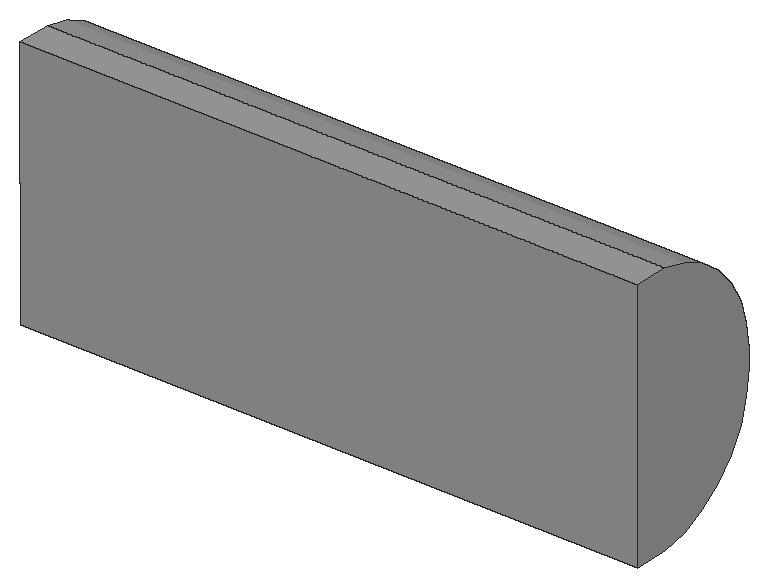
Revit family "UniLED kombi ST LED 230V 1t (veggmontasje)", category Lighting Fixtures, Revit 2013
Parameters (values of type "LedeLys")
  Width = 83 mm
  Wattage Comments = "17 W"
  Wattage = 9.2903 W
  built-in parameter 1150110 = 1 (stored number, unit not read)
  Voltage = 230 V
  URL = ""
  built-in parameter 1114217 = 1 (stored number, unit not read)
  Tilt Angle = 90.00°
  built-in parameter 1150109 = 1 (stored number, unit not read)
  built-in parameter 1150134 = 3
  Symbol Positive Direction [instance] = yes
  Symbol Offset Side [instance] = 0 mm
  Symbol Offset Out [instance] = 0 mm
  built-in parameter 1150113 = 1 (stored number, unit not read)
  Reference Line Out [instance] = 50 mm
  Photometric Web File = "20x42A12.ies"
  Number of Poles = 1
  MarkeringsLys Venstre = no
  MarkeringsLys Ned = no
  MarkeringsLys Høyre = no
  MarkeringsLys 45 Opp mot venstre = no
  MarkeringsLys Opp = no
  MarkeringsLys 45 Opp mot høyre = no
  MarkeringsLys 45 Ned mot venstre = no
  MarkeringsLys 45 Ned mot høyre = no
  ML = no
  built-in parameter 1150105 = 109.82 (stored number, unit not read)
  Lumens = 1380 lm
  built-in parameter 1150115 = 1 (stored number, unit not read)
  Load Classification [instance] = Other
  Model = ""
  Manufacturer = ""
  built-in parameter 1150137 = (empty or 0)
  built-in parameter 1150139 = (empty or 0)
  Length 1 = Length - 30 mm  # 333 mm
  Length = 363 mm
  LedeLys = yes
  built-in parameter 1150112 = 1 (stored number, unit not read)
  built-in parameter 1150114 = 1 (stored number, unit not read)
  Lamp = "1"
  built-in parameter 1150132 = (empty or 0)
  built-in parameter 1150102 = (empty or 0)
  built-in parameter 1150107 = 3200 (stored number, unit not read)
  built-in parameter 1150138 = (empty or 0)
  built-in parameter 1150106 = 1.0982 (stored number, unit not read)
  Height 1 = Height - 30 mm  # 119 mm
  Height = 149 mm
  Emit from Rectangle Width = Height  # 149 mm
  Emit from Rectangle Length = Length  # 363 mm
  Emit Shape Visible in Rendering = no
  built-in parameter 1150104 = 13.8 (stored number, unit not read)
  Dimming Lamp Color Temperature Shift = <None>
  Description = ""
  Color Filter = 16777215
  Body Material and Colour = Default
  built-in parameter 1114218 = 1 (stored number, unit not read)
  built-in parameter 1150133 = 10 (stored number, unit not read)
  Assembly Code = ""
  Apparent Load = 17 VA
Types (9, lengths in mm): name | MarkeringsLys Venstre | MarkeringsLys Ned | MarkeringsLys Høyre | MarkeringsLys 45 Opp mot venstre | MarkeringsLys Opp | MarkeringsLys 45 Opp mot høyre | MarkeringsLys 45 Ned mot venstre | MarkeringsLys 45 Ned mot høyre | ML | LedeLys
  MarkeringsLys (Opp) | no | no | no | no | yes | no | no | no | yes | no
  LedeLys | no | no | no | no | no | no | no | no | no | yes
  MarkeringsLys (45 Ned mot høyre) | no | no | no | no | no | no | no | yes | yes | no
  MarkeringsLys (45 Ned mot venstre) | no | no | no | no | no | no | yes | no | yes | no
  MarkeringsLys (45 Opp mot høyre) | no | no | no | no | no | yes | no | no | yes | no
  MarkeringsLys (45 Opp mot venstre) | no | no | no | yes | no | no | no | no | yes | no
  MarkeringsLys (Ned) | no | yes | no | no | no | no | no | no | yes | no
  MarkeringsLys (Høyre) | no | no | yes | no | no | no | no | no | yes | no
  MarkeringsLys (Venstre) | yes | no | no | no | no | no | no | no | yes | no
Reference planes
  plane 1 "Light Source Axis (F/B)": y = 119.961
  plane 2 "Top": z = 83
  plane 3 "Light Source Axis (L/R)": x = 0
  plane 4 "Level": z = 0
  plane 5 "Bottom": z = -149
  plane 6: x = -181.5
  plane 7: x = 181.5
  plane 8: y = 200.961
  plane 9: y = 202.961
  plane 10: z = -15
  plane 11: x = -166.5
  plane 12: x = 166.5
  plane 13: z = -74.5
  plane 14: z = -134
Forms (mm)
  Extrusion 1, solid, material "Default" <- "Body Material and Colour"
    sketch origin (0, 0, 0) x (0, 1, 0) y (0, 0, 1)
      loop
        line (119.961, 0) -> (119.961, -149) -> (139.961, -149)
        arc (139.961, -149) -> (183.548, -125.736) -> (200.961, -79.5) r 70.092
        line (200.961, -79.5) -> (200.961, -69.5)
        arc (200.961, -69.5) -> (183.548, -23.264) -> (139.961, 0) r 70.092
        line (139.961, 0) -> (119.961, 0)
    from -181.5 to 181.5
Lines and regions (mm)
  model lines, style "InvisibleLines"
    curve 1: line (0, 119.961, 0) -> (0, 169.961, 0)
Dimensions and locks
  equal spacing: plane 6, plane 3 "Light Source Axis (L/R)", plane 7
  "Length": plane 6 to plane 7
  plane 8 to plane 1 "Light Source Axis (F/B)" = 81 mm
  locked: plane 9 to plane 8 at 2
  equal spacing: plane 4 "Level", plane 13, plane 5 "Bottom"
  "Height": plane 4 "Level" to plane 5 "Bottom"
  equal spacing: plane 11, plane 3 "Light Source Axis (L/R)", plane 12
  "Length 1": plane 11 to plane 12
  equal spacing: plane 10, plane 13, plane 14
  "Height 1": plane 10 to plane 14
  "Width": plane 1 "Light Source Axis (F/B)" to plane 9
  "Reference Line Out": plane 1 "Light Source Axis (F/B)" to curve 1
  aligned and locked: plane 4 "Level" to level
  aligned and locked: plane 3 "Light Source Axis (L/R)" to nested 1
  aligned and locked: plane 1 "Light Source Axis (F/B)" to nested 1
  aligned and locked: plane 1 "Light Source Axis (F/B)" to Extrusion 1 sketch curve
  aligned and locked: Extrusion 1 sketch curve to plane 5 "Bottom"
  aligned and locked: plane 4 "Level" to Extrusion 1 sketch curve
  aligned and locked: plane 8 to Extrusion 1 sketch curve
  aligned and locked: Extrusion 1 to plane 6
  aligned and locked: plane 7 to Extrusion 1
  aligned and locked: plane 13 to imposter light
  aligned and locked: imposter light to plane 9
  aligned and locked: plane 1 "Light Source Axis (F/B)" to curve 1
  aligned and locked: plane 3 "Light Source Axis (L/R)" to curve 1
  aligned and locked: plane 3 "Light Source Axis (L/R)" to nested 2
  aligned and locked: plane 1 "Light Source Axis (F/B)" to nested 2
  aligned and locked: nested 3 to plane 9
  aligned and locked: nested 3 to plane 5 "Bottom"
  aligned and locked: plane 3 "Light Source Axis (L/R)" to nested 3
  aligned and locked: plane 3 "Light Source Axis (L/R)" to nested 4
  aligned and locked: nested 4 to nested 3
  aligned and locked: nested 4 to Extrusion 1
  aligned and locked: Extrusion 1 to nested 5
  aligned and locked: nested 5 to plane 9
  aligned and locked: nested 6 to plane 5 "Bottom"
  aligned and locked: plane 11 to nested 6
  aligned and locked: nested 6 to plane 9
  aligned and locked: nested 7 to plane 9
  aligned and locked: plane 12 to nested 7
  aligned and locked: nested 7 to plane 5 "Bottom"
  aligned and locked: nested 8 to plane 4 "Level"
  aligned and locked: plane 12 to nested 8
  aligned and locked: nested 8 to plane 9
  aligned and locked: nested 9 to plane 9
  aligned and locked: plane 12 to nested 9
  aligned and locked: nested 9 to plane 4 "Level"
  aligned and locked: plane 3 "Light Source Axis (L/R)" to nested 10
  aligned and locked: nested 10 to plane 9
  aligned and locked: nested 10 to plane 4 "Level"
Automatic sketch dimensions
  Extrusion 1 sketch curve to plane 1 "Light Source Axis (F/B)" = 20 mm
  Extrusion 1 sketch curve to plane 13 = 5 mm
  Extrusion 1 sketch curve to Extrusion 1 sketch curve = 20 mm
  plane 13 to Extrusion 1 sketch curve = 5 mm
Nested families
  nested 1: "LedelysS" at (0, 119.961, 0), visible <- "LedeLys", type "Type 1"
  nested 2: "MarkeringslysS" at (0, 119.961, 0), visible <- "ML", type "Type 1"
  nested 3: "UniLED_Opp" at (0, 139.961, -74.5), type "UniLED_Opp"
  nested 4: "UniLED_Ned" at (0, 139.961, -74.5), type "UniLED_Ned"
  nested 5: "UniLED_Venstre" at (0, 139.961, -74.5), type "UniLED_Left"
  nested 6: "UniLED_Høyre" at (0, 139.961, -74.5), type "UniLED_Høyre"
  nested 7: "UniLED_skrått 45 opp mot høyre" at (0, 139.961, -74.5), type "UniLED_skrått 45 opp mot høyre"
  nested 8: "UniLED_skrått 45 ned mot høyre" at (0, 139.961, -74.5), type "UniLED_skrått 45 ned mot høyre"
  nested 9: "UniLED_skrått 45 ned mot venstre" at (0, 139.961, -74.5), type "UniLED_skrått 45 ned mot venstre"
  nested 10: "UniLED_skrått 45 opp mot venstre" at (0, 139.961, -74.5), type "UniLED_skrått 45 opp mot venstre"
Connectors
  electrical at (0, 119.961, 0), driven by "Number of Poles", driven by "Load Classification", driven by "Voltage", driven by "Apparent Load"
    settings: index 1, voltage 230 V, apparent load 0 VA, apparent load phase1 17 VA, apparent load phase2 0 VA, apparent load phase3 0 VA, power factor 1, load classification "Other", number of poles 1, system type 31, power factor state 1, is connector primary yes, connector utility no, sub classification motor no, connector description ""
Definition of nested family "LedelysS"
  Parameters (values of type "Type 1")
    CQ Symbol Positive Direction = yes
    CQ Symbol Negative Direction = not(CQ Symbol Positive Direction)  # no
    CQ Symbol Offset Side = 0 mm
    CQ Symbol Offset Out = 0 mm
  Reference planes
    plane 1: y = 0
    plane 2: x = 0
  Dimensions and locks
    "CQ Symbol Offset Out": plane 1 to nested 1
    "CQ Symbol Offset Out": plane 1 to nested 2
    "CQ Symbol Offset Side": plane 2 to nested 2
    "CQ Symbol Offset Side": nested 1 to plane 2
  Nested families
    nested 1: "LedelysSub" at (0, 0, 0), visible <- "CQ Symbol Negative Direction", type "Type 1"
    nested 2: "LedelysSub" at (0, 0, 0), visible <- "CQ Symbol Positive Direction", type "Type 1"
  Definition of nested family "LedelysSub"
    Reference planes
      plane 1: y = 0
      plane 2: x = 0
    Lines and regions (mm)
      detail lines
        curve 1: line (-4, 0, 0) -> (4, 0, 0)
        curve 2: line (4, 0, 0) -> (4, 4, 0)
        curve 3: line (4, 4, 0) -> (-4, 4, 0)
        curve 4: line (-4, 4, 0) -> (-4, 0, 0)
        curve 5: line (-3.097, 0.75, 0) -> (-0.597, 3.25, 0)
        curve 6: line (-3.097, 3.25, 0) -> (-0.597, 0.75, 0)
        curve 7: circle (-1.847, 2, 0) r 1.2 normal (0, 0, 1)
    Text (mm)
      text "LL" at (2.179, 3.025, 0)
Definition of nested family "MarkeringslysS"
  Parameters (values of type "Type 1")
    CQ Symbol Positive Direction = yes
    CQ Symbol Negative Direction = not(CQ Symbol Positive Direction)  # no
    CQ Symbol Offset Side = 0 mm
    CQ Symbol Offset Out = 0 mm
  Reference planes
    plane 1: y = 0
    plane 2: x = 0
  Dimensions and locks
    "CQ Symbol Offset Out": plane 1 to nested 1
    "CQ Symbol Offset Out": plane 1 to nested 2
    "CQ Symbol Offset Side": plane 2 to nested 2
    "CQ Symbol Offset Side": nested 1 to plane 2
  Nested families
    nested 1: "LedelysSub" at (0, 0, 0), visible <- "CQ Symbol Negative Direction", type "Type 1"
    nested 2: "LedelysSub" at (0, 0, 0), visible <- "CQ Symbol Positive Direction", type "Type 1"
  Definition of nested family "LedelysSub"
    Reference planes
      plane 1: y = 0
      plane 2: x = 0
    Lines and regions (mm)
      Filled region 1, type "Filled region 1"
        outline origin (64.576, 53.459, 0) x (1, 0, 0) y (0, 1, 0)
          loop
            arc (-65.575, -52.307) -> (-65.224, -51.459) -> (-65.575, -50.61) r 1.2
            line (-65.575, -50.61) -> (-66.424, -51.459) -> (-65.575, -52.307)
      Filled region 2, type "Filled region 1"
        outline origin (-68.271, 53.459, 0) x (0, 1, 0) y (-1, 0, 0)
          loop
            line (-52.307, -65.575) -> (-51.459, -66.424) -> (-50.61, -65.575)
            arc (-50.61, -65.575) -> (-51.459, -65.224) -> (-52.307, -65.575) r 1.2
      detail lines
        curve 1: line (-4, 0, 0) -> (4, 0, 0)
        curve 2: line (4, 0, 0) -> (4, 4, 0)
        curve 3: line (4, 4, 0) -> (-4, 4, 0)
        curve 4: line (-4, 4, 0) -> (-4, 0, 0)
        curve 5: line (-3.097, 0.75, 0) -> (-0.597, 3.25, 0)
        curve 6: line (-3.097, 3.25, 0) -> (-0.597, 0.75, 0)
        curve 7: circle (-1.847, 2, 0) r 1.2 normal (0, 0, 1)
    Text (mm)
      text "ML" at (2.179, 3.025, 0)
    Dimensions and locks
      aligned and locked: Filled region 1 sketch curve to curve 7
